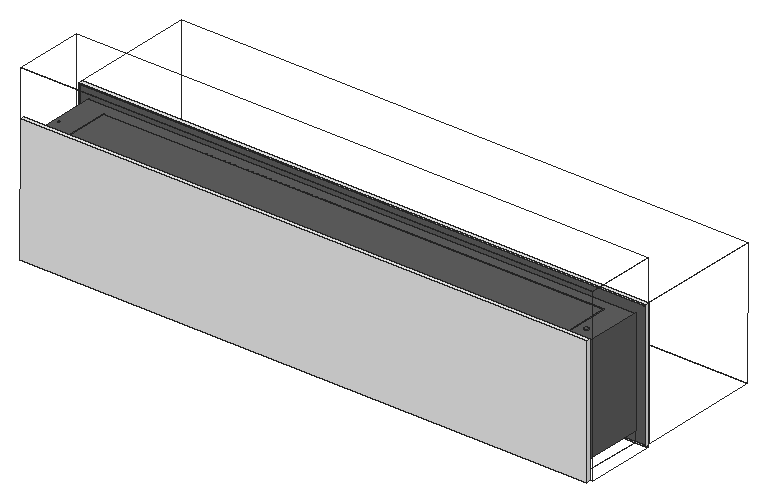
Revit family "AIRTECNICS_AIR CURTAIN_ZEN_DX-VRF_(TOSHIBA)123", category Mechanical Equipment, Revit 2016 (continued)
Types (4, lengths in mm): name | Weight | Triple Phase (External Ut.) | Single Phase (External Ut.) | REF | Product Size | Product Reference | Product Description | Power Fans | Noise Level (dB(A)) | Mainfolds | Length | Gas Coil Volume | External Ut. Reference | Dn_Metric_Refrig_Liquid | Dn_Metric_Refrig_Gas | Current Fans | COD | Apparent Load | Airflow | L
  ZEN ECG 1500 DX/VRF-TO | 57.00 kg | no | yes | 21 | "1500" | "ZEN ECG 1500 DX15-TO" | "Decorative energy saving heat pump air curtain in contemporary architectural style: Up to 70% reduction in costs and CO2 emissions (heating mode).\r\nIts minimalist and smart design integrates in any environment and offers infinite options to customize.\r\nThe panels can include logos, lighting, signage, safety or information signs, graphics, pictures, clocks, all according to customer specifications.\r\nFront anodized aluminium panels. Optionally manufactured in brushed or mirror polished stainless steel. Other materials are possible, such as galvanized steel, smooth or texturated skinplate, wood, etc.\r\nCentral structure made of galvanized steel finished in black forge as standard. Other colours are available on request. \r\nAnodized aluminium outlet vanes, airfoil shaped, adjustable in both directions.\r\nDouble-inlet centrifugal fans driven by an external rotor motor and low noise level. 5-speed selector. EC models assembled with very low consumption efficiency fans. \r\nIncludes only heating direct expansion coil with installed temperature sensors.\r\nPlug&Play control panel CS-5DX-NE slave DX with 5 speeds selector and 7m telephone cable included.\r\nReady to connect to TOSHIBA Inverter outdoor heat pump unit (R410A) with expansion valve, not included, the customer should purchase it.\r\nRequires TOSHIBA DX Interface KIT adapted for air curtain RAV-DXC010 and RBC-AMT32-E programmable control, please consult.\r\nAir Volume: 2920 m3/h \r\nFans:  0,284 kW  2,48 A 230Vx1 50/60Hz\r\nHeating capacity: 15,32 kW\r\nDimensions: 291x473x1620 mm (depth, height, length)\r\nNOT SUPPLIED BY AIRTÈCNICS:\r\nRAV-DXC010 Interface DX kit and RBC-AMT32-E programmable control.\r\nExternal unit:\r\nOption 1: RAV-SM1603AT-E\r\nExternal unit with direct expansion valve Toshiba, single phase motor 230Vx1 50Hz.\r\nHeating capacity 16kW. Heating power: 4,43kW. COP 3,61.\r\nCooling capacity 14kW. Cooling power 4,49kW. EER 3,12.\r\nCooling circuits 5/8\" - 3/8\".\r\nMinimum length 5m.\r\nMaximum length 50m.\r\nDesnivell màxim 30m.\r\nOption 2: RAV-SP1604AT8-E\r\nExternal unit with direct expansion valve Toshiba, triple phase motor 400Vx3 50Hz.\r\nHeating capacity 16kW. Heating power: 4,3kW. COP 3,72.\r\nCooling capacity 14kW. Cooling power 4,49kW. EER 3,12.\r\nCooling circuits 5/8\" - 3/8\".\r\nMinimum length 3m.\r\nMaximum length 75m.\r\nDesnivell màxim 30m." | 0.284 kW | 62 | "5/8'' & 3/8''" | 1620.0 | 3.00 L | "RAV-SM1603AT-E" | 10 | 16 | 2.48 A | 21 | 568 VA | 2920 m³/h | 1500.0
  ZEN ECG 1000 DX/VRF-TO | 40.00 kg | yes | no | 1011 | "1000" | "ZEN ECG 1000 DX10-TO" | "Decorative energy saving heat pump air curtain in contemporary architectural style: Up to 70% reduction in costs and CO2 emissions (heating mode).\r\nIts minimalist and smart design integrates in any environment and offers infinite options to customize.\r\nThe panels can include logos, lighting, signage, safety or information signs, graphics, pictures, clocks, all according to customer specifications.\r\nFront anodized aluminium panels. Optionally manufactured in brushed or mirror polished stainless steel. Other materials are possible, such as galvanized steel, smooth or texturated skinplate, wood, etc.\r\nCentral structure made of galvanized steel finished in black forge as standard. Other colours are available on request. \r\nAnodized aluminium outlet vanes, airfoil shaped, adjustable in both directions.\r\nDouble-inlet centrifugal fans driven by an external rotor motor and low noise level. 5-speed selector. EC models assembled with very low consumption efficiency fans. \r\nIncludes only heating direct expansion coil with installed temperature sensors.\r\nPlug&Play control panel CS-5DX-NE slave DX with 5 speeds selector and 7m telephone cable included.\r\nReady to connect to TOSHIBA Inverter outdoor heat pump unit (R410A) with expansion valve, not included, the customer should purchase it.\r\nRequires TOSHIBA DX Interface KIT adapted for air curtain RAV-DXC010 and RBC-AMT32-E programmable control, please consult.\r\nAir Volume: 2190 m3/h \r\nFans:  0,213 kW  1,86 A 230Vx1 50/60Hz\r\nHeating capacity: 9,70 kW\r\nDimensions: 291x473x1220 mm (depth, height, length)\r\nNOT SUPPLIED BY AIRTÈCNICS:\r\nRAV-DXC010 Interface DX kit and RBC-AMT32-E programmable control.\r\nExternal unit:\r\nOption 1: RAV-SM1104ATP-E\r\nExternal unit with direct expansion valve Toshiba, single phase motor 230Vx1 50Hz.\r\nHeating capacity 11,2kW. Heating power: 2,93kW. SCOP 3,54.\r\nCooling capacity 10kW. Cooling power 3,11kW. SEER 5,58.\r\nCooling circuits 5/8\" - 3/8\".\r\nMinimum length 5m.\r\nMaximum length 50m.\r\nDesnivell màxim 30m.\r\nOption 2: RAV-SP1104AT8-E\r\nExternal unit with direct expansion valve Toshiba, triple phase motor 400Vx3 50Hz.\r\nHeating capacity 11,2kW. Heating power: 2,42kW. SCOP 4,28.\r\nCooling capacity 10kW. Cooling power 2,37kW. SEER 6,57.\r\nCooling circuits 5/8\" - 3/8\".\r\nMinimum length 3m.\r\nMaximum length 75m.\r\nDesnivell màxim 30m." | 0.213 kW | 61 | "5/8'' & 3/8''" | 1220.0 | 1.80 L | "RAV-SP1104AT8-E" | 10 | 16 | 1.86 A | 11 | 426 VA | 2190 m³/h | 1000.0
